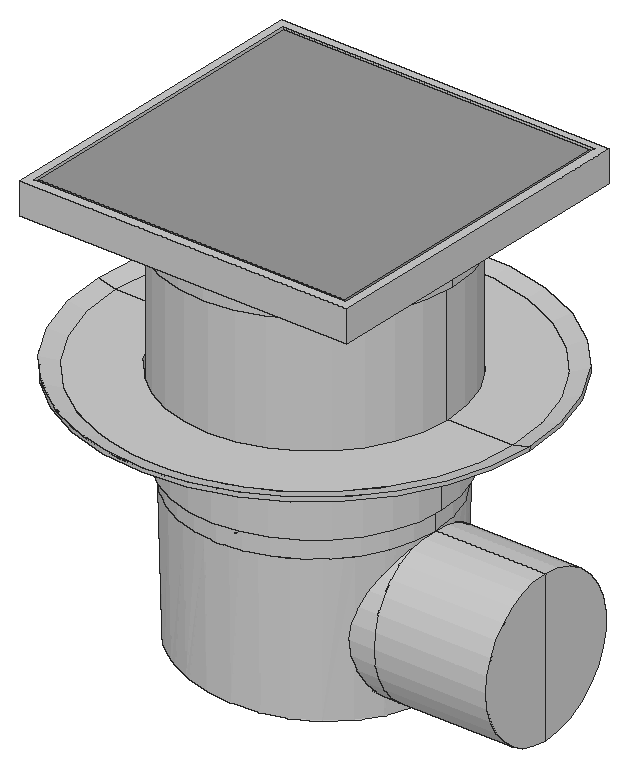
Revit family "HL_Дворовый трап серии Perfekt_HL615LW", category Instalační zařizovací předměty, Revit 2016
Family settings
  Typ součásti = Normální
  Kóta kulaté spojky = Použít průměr
  Číslo OmniClass = 23.70.50.21.24.14
  Nadpis OmniClass = Deck Waste Water Drains
  Založené na pracovní rovině = Ne
  Vždy vertikální = Ano
  Ořezat dutým tvarem při načtení = Ne
  Sdílené = Ne
  Bod výpočtu místnosti = Ano
Parameters (values of type "HL_Дворовый трап серии Perfekt_HL615LW")
  РЕШЁТКА = "Kunststoff 226x226mm"
  РАЗМЕР = "DN110"
  ПРОПУСКНАЯ СПОСОБНОСТЬ [instance] = 0.0 L/s
  ПРОИЗВОДИТЕЛЬНОСТЬ = "2,5 l/s"
  ПРАВОВАЯ ИНФОРМАЦИЯ = "\"Авторские права(©), права на дизайн или какие либо другие права интелектуальной собственности являются исключительной собственностью компании HL Hutterer & Lechner. Изменению не подлежит. Файл семейства с данными о прозводителе изделия защищен паролем с водяным знаком.\""
  НОМИНАЛЬНЫЙ ДИАМЕТР = 110 mm
  НАСАДКА = "42-130mm/240x240mm"
  МАТЕРИАЛ = "PP"
  МАКСИМАЛЬНАЯ НАГРУЗКА КЛАССА = "L - 1,5 t"
  ВЫСОТА МОНТАЖА = "218 mm"
  ВЕС = "2 kg"
  Výrobce = "HL Hutterer & Lechner GmbH"
  URL = "http://www.hutterer-lechner.com/ru/products/catalog/roof-drains/HL615LW.aspx"
  Материал плитка [instance] = none
  Připojení ventilace = no
  Připojení odpadu = yes
  Připojení HW = no
  Připojení CW = no
  Popis = "Дворовый трап серии Perfekt DN110 горизонтальный выпуск"
  Model = "HL615LW"
  Assembly Code = " "
  Komentáře k typům = "Дворовый трап серии Perfekt DN110 горизонтальный с обжимным фланцем, 240х240мм/226х226мм ПП с водяным затвором."
  Keynote = "HL615LW"
  IH [instance] = Высота монтажа 1 + Высота монтажа 2  # 130 mm
  Высота монтажа 2 [instance] = 0 mm
  Высота монтажа 1 [instance] = 130 mm
  G [instance] = 90.00°  # constant formula
  EAN = "9003076009473"
  D [instance] = 170 mm
  C [instance] = if(IH - 68 mm < 0 mm, 0 mm, IH - 68 mm)  # 62 mm
  B [instance] = 134.4 mm + IH  # 264.4 mm
  A [instance] = if(B - 100 mm > 15 mm, B - 100 mm, 15 mm)  # 164.4 mm
Types (2, lengths in mm): name | URL | Popis | Komentáře k typům
  (no name) | "http://www.hutterer-lechner.com/en/products/catalog/roof-drains/HL615LW.aspx" | 0 | "perfect-drain DN110 horizontal with flange, 240x240mm/226x226mm plastic with trap seal"
  HL_Дворовый трап серии Perfekt_HL615LW | "http://www.hutterer-lechner.com/ru/products/catalog/roof-drains/HL615LW.aspx" | "Дворовый трап серии Perfekt DN110 горизонтальный выпуск" | "Дворовый трап серии Perfekt DN110 горизонтальный с обжимным фланцем, 240х240мм/226х226мм ПП с водяным затвором."
Values of the unnamed type that differ from the named types
  ПРАВОВАЯ ИНФОРМАЦИЯ = "\"Copyright (©), design rights or any other intellectual property rights, shall be the exclusive property of HL Hutterer & Lechner GmbH. Modification is not allowed. Family has been watermarked.\""
Reference planes
  plane 1 "Center (Front/Back)": y = 0
  plane 2: z = 0
  plane 3 "Center (Left/Right)": x = 0
  plane 4: z = -264.4
  plane 5: z = -130
  plane 6: z = -130
Lines and regions (mm)
  model lines, style "InvisibleLines"
    curve 1: line (0, 0, 0) -> (0, 0, 20)
  model lines, style "PlumbingFixtures", detail levels coarse+medium
    curve 2: line (0, 0, -264.4) -> (0, 0, -100)
    curve 3: line (0, 0, -100) -> (-100, 0, 0)
    curve 4: line (0, 0, -100) -> (100, 0, 0)
    curve 6: line (0, 0, -264.4) -> (170, 0, -264.4)
  reference lines, not visible
    curve 5: line (0, 0, -264.4) -> (170, 0, -264.4)
  symbolic lines, style "PlumbingFixtures", detail levels coarse+medium
    curve 7: line (-75, 75, 0) -> (75, 75, 0)
    curve 8: line (-75, -75, 0) -> (-75, 75, 0)
    curve 9: line (75, -75, 0) -> (-75, -75, 0)
    curve 10: line (75, 75, 0) -> (75, -75, 0)
    curve 11: line (-75, 75, 0) -> (-145.711, 145.711, 0)
    curve 12: line (75, 75, 0) -> (145.711, 145.711, 0)
    curve 13: line (-75, -75, 0) -> (-145.711, -145.711, 0)
    curve 14: line (75, -75, 0) -> (145.711, -145.711, 0)
  symbolic lines, style "PlumbingFixtures", not visible, detail levels coarse+medium
    curve 15: line (-75, 75, 0) -> (75, 75, 0)
    curve 16: line (-75, -75, 0) -> (-75, 75, 0)
    curve 17: line (75, -75, 0) -> (-75, -75, 0)
    curve 18: line (75, 75, 0) -> (75, -75, 0)
    curve 19: line (-75, 75, 0) -> (-145.711, 145.711, 0)
    curve 20: line (75, 75, 0) -> (145.711, 145.711, 0)
    curve 21: line (-75, -75, 0) -> (-145.711, -145.711, 0)
    curve 22: line (75, -75, 0) -> (145.711, -145.711, 0)
Text (mm)
  text "FLOOR" at (-162.344, 0, -10.979), in view "Слева"
Dimensions and locks
  "B": plane 2 to plane 4
  "IH": plane 2 to plane 5
  "A": curve 4 to plane 4
  "D": curve 5 to curve 5
  "D": curve 6 to curve 6
  "Высота монтажа 1": plane 2 to plane 6
  locked: curve 4 to plane 3 "Center (Left/Right)" (angle 45.00°)
  locked: plane 3 "Center (Left/Right)" to curve 3 (angle 45.00°)
  "G": angle curve 5 to plane 3 "Center (Left/Right)"
  aligned and locked: level to plane 2
  aligned and locked: plane 2 to curve 4
  aligned and locked: plane 2 to curve 3
  aligned and locked: plane 4 to curve 5
  aligned and locked: curve 5 to plane 3 "Center (Left/Right)"
  aligned and locked: plane 4 to curve 2
  aligned and locked: plane 3 "Center (Left/Right)" to curve 6
  aligned and locked: curve 6 to plane 4
  aligned and locked: nested 1 to plane 3 "Center (Left/Right)"
  aligned and locked: nested 1 to plane 5
  aligned and locked: plane 3 "Center (Left/Right)" to nested 2
  aligned and locked: plane 2 to nested 2
  aligned and locked: plane 3 "Center (Left/Right)" to nested 3
  aligned and locked: nested 3 to nested 2
  aligned and locked: nested 4 to plane 3 "Center (Left/Right)"
  aligned and locked: nested 4 to nested 1
Automatic sketch dimensions
  plane 3 "Center (Left/Right)" to curve 2 = 0 mm
  curve 1 to plane 3 "Center (Left/Right)" = 0 mm
  curve 1 to level = 0 mm
  level to curve 1 = 20 mm
Nested families
  nested 1: "HL-кровельные воронки - корпус-HL615K" at (0, 0, -130), type "HL-кровельные воронки - корпус-HL615K"
  nested 2: "HL-Надставные элементы-HL623" at (0, 0, 0), Высота монтажа <- "Высота монтажа 1", type "HL-Надставные элементы-HL623"
    with Высота монтажа 130 mm, a 100 mm, Ihmin 42 mm, Ihmax 130 mm
  nested 3: "HL-Песколовка-HL0606.2E" at (0, 0, -22.999), type "HL-Песколовка-HL0606.2E"
  nested 4: "HL-Вкладыш запахозапирающий-HL0605.2E" at (0, 0, -190.162), type "HL-Вкладыш запахозапирающий-HL0605.2E"
Connectors
  piping at (170, 0, -264.4), diameter 110, driven by "ПРОПУСКНАЯ СПОСОБНОСТЬ", driven by "НОМИНАЛЬНЫЙ ДИАМЕТР"
    settings: on curve 5, index 1, connector inside diameter 609.6 mm, connector length 0 mm, flow factor 0, pipe flow 0.0 L/s, pressure drop 0.0 Pa, fitting loss kfactor 0, connector angle 0.00°, fixture units 0, engagement length 0 mm, angle of deflection 0.00°, flow configuration 1, flow direction 2, fitting loss method 0, system type 16, joint type 0, gender type 0, connector reference index -1, connector utility 0, adjustable connector yes, is connector primary yes, connector description ""
Definition of nested family "HL-кровельные воронки - корпус-HL615K"
  Parameters
    РАЗМЕР = ""
    ПРАВОВАЯ ИНФОРМАЦИЯ = ""
    МАТЕРИАЛ = ""
    ВЫСОТА МОНТАЖА = ""
    ВЕС = ""
    Manufacturer = ""
    URL = ""
    Description = ""
    Model = ""
    материал = none
    Type Comments = ""
    Keynote = ""
    EAN = ""
    Cost = 0
  Types (2, lengths in mm): name | РАЗМЕР | ПРАВОВАЯ ИНФОРМАЦИЯ | МАТЕРИАЛ | ВЫСОТА МОНТАЖА | ВЕС | Manufacturer | URL | Description | Model | Type Comments | Keynote | EAN
    (no name) | "" | "" | "" | "" | "" | "" | "" | "" | "" | "" | "" | ""
    HL-кровельные воронки - корпус-HL615K | "DN110" | "\"Авторские права(©), права на дизайн или какие либо другие права интелектуальной собственности являются исключительной собственностью компании HL Hutterer & Lechner. Изменению не подлежит. Файл семейства с данными о прозводителе изделия защищен паролем с водяным знаком.\"" | "PP" | "190 mm" | "0,718 kg" | "HL Hutterer & Lechner GmbH" | "http://www.hutterer-lechner.com/ru/products/catalog/roof-drains/HL615K.aspx" | "Дворовый трап серии Perfekt DN110 горизонтальный выпуск" | "HL615K" | "Корпус дворового трапа серии Perfekt DN110 горизонтальный с обжимным фланцем." | "HL615K" | "9003076012879"
  Reference planes
    plane 1 "Střed (vpředu/vzadu)": y = 0
    plane 2: z = 0
    plane 3 "Střed (vlevo/vpravo)": x = 0
  Forms (mm)
    Revolve 1, solid, material <- "материал", detail levels fine
      sketch origin (0, 0, 16.838) x (1, 0, 0) y (0, 0, 1)
        loop
          line (-102.992, -29.032) -> (-102.992, -49.657) -> (-93.991, -49.657) -> (-93.991, -81.233) -> (-89.525, -81.233) -> (-89.525, -96.233) -> (-87.601, -206.46) -> (0, -206.46) -> (0, -142.233) -> (-85.48, -142.233) -> (-85.48, -77) -> (-90.064, -77) -> (-90.064, -42) -> (-98.519, -42) -> (-98.519, -20.158) -> (-146.118, -20.158) -> (-158.507, -16.838) -> (-158.507, -19.787) -> (-146.081, -23.116) -> (-137.541, -23.116) -> (-137.541, -29.032) -> (-102.992, -29.032)
        axis (0, -16.838) -> (0, -206.46)
      angle from 0 to 360
    Extrusion 2, void
      sketch origin (0, 0, 16.838) x (1, 0, 0) y (0, 0, 1)
        loop
          line (101.097, -207.584) -> (-103.425, -190.313) -> (-103.425, -230.313) -> (101.097, -230.313) -> (101.097, -207.584)
      from -118.5 to 100
    Revolve 3, solid, material <- "материал", detail levels fine
      sketch origin (0, 0, 16.838) x (1, 0, 0) y (0, 0, 1)
        loop
          line (170, -151.233) -> (52.576, -151.233) -> (52.576, -206.233) -> (87.576, -206.233) -> (170, -206.233) -> (170, -151.233)
        axis (52.576, -151.233) -> (170, -151.233)
      angle from 0 to 360
    Extrusion 4, void
      sketch origin (0, 0, 16.838) x (1, 0, 0) y (0, 1, 0)
        loop
          line (53.489, 64) -> (-15, 64) -> (-15, 82.049)
          arc (-15, 82.049) -> (-83.409, 0) -> (-15, -82.049) r 83.409
          line (-15, -82.049) -> (-15, -64) -> (53.489, -64)
          arc (53.489, -64) -> (83.409, 0) -> (53.489, 64) r 83.409
      from -186.135 to -66.314
    Extrusion 5, void
      sketch origin (400, 0, 16.838) x (1, 0, 0) y (0, 1, 0)
        loop
          line (-343.274, 64) -> (-415, 64) -> (-415, -64) -> (-344.352, -64)
          arc (-344.352, -64) -> (-313.891, -0.252) -> (-343.274, 64) r 83.409
      from -186.135 to -66.314
  Cuts and joins
    Extrusion 2, Extrusion 4 cuts Revolve 1
    Extrusion 2, Extrusion 5 cuts Revolve 3
  Dimensions and locks
    aligned and locked: level to plane 2
Definition of nested family "HL-Надставные элементы-HL623"
  Parameters
    РЕШЁТКА = ""
    РАЗМЕР = ""
    ПРАВОВАЯ ИНФОРМАЦИЯ = ""
    НАСАДКА = ""
    МАТЕРИАЛ = ""
    МАКСИМАЛЬНАЯ НАГРУЗКА КЛАССА = ""
    ВЫСОТА МОНТАЖА = ""
    ВЕС = ""
    a [instance] = if(Высота монтажа < Ihmin, -10 mm, if(Высота монтажа > Ihmax, -10 mm, Высота монтажа - 30 mm))  # 100 mm
    Manufacturer = ""
    URL = ""
    Description = ""
    Model = ""
    материал 2 = none
    материал = none
    Type Comments = ""
    Keynote = ""
    Высота монтажа [instance] = 130 mm
    Ihmin [instance] = 42 mm
    Ihmax [instance] = 130 mm
    EAN = ""
    Cost = 0
  Types (2, lengths in mm): name | РЕШЁТКА | РАЗМЕР | ПРАВОВАЯ ИНФОРМАЦИЯ | НАСАДКА | МАТЕРИАЛ | МАКСИМАЛЬНАЯ НАГРУЗКА КЛАССА | ВЫСОТА МОНТАЖА | ВЕС | Manufacturer | URL | Description | Model | Type Comments | Keynote | EAN
    (no name) | "" | "" | "" | "" | "" | "" | "" | "" | "" | "" | "" | "" | "" | "" | ""
    HL-Надставные элементы-HL623 | "Kunststoff 226x226mm" | "d 195mm" | "\"Авторские права(©), права на дизайн или какие либо другие права интелектуальной собственности являются исключительной собственностью компании HL Hutterer & Lechner. Изменению не подлежит. Файл семейства с данными о прозводителе изделия защищен паролем с водяным знаком.\"" | "240x240mm" | "PP" | "L - 1,5 t" | "144 mm" | "0,954 [kg]" | "HL Hutterer & Lechner GmbH" | "http://www.hutterer-lechner.com/ru/products/catalog/roof-drains/HL623.aspx" | "Надставные элементы" | "HL623" | "Насадка d 195мм/240х240мм/226х226мм ПП" | "HL623" | "9003076014743"
  Reference planes
    plane 1 "Střed (vpředu/vzadu)": y = 0
    plane 2: z = 0
    plane 3 "Střed (vlevo/vpravo)": x = 0
    plane 4: z = -45
    plane 5: z = -145
  Forms (mm)
    Extrusion 1, solid, material <- "материал", detail levels fine
      sketch origin (0, 0, 0) x (1, 0, 0) y (0, 1, 0)
        loop
          line (-112.5, 112.5) -> (-112.5, -112.5) -> (112.5, -112.5) -> (112.5, 112.5) -> (-112.5, 112.5)
      from 0 to -20
    Extrusion 2, solid, material <- "материал 2", detail levels fine
      sketch origin (0, 0, 0) x (1, 0, 0) y (0, 1, 0)
        loop
          line (114.5, -114.5) -> (114.5, 114.5) -> (-114.5, 114.5) -> (-114.5, -114.5) -> (114.5, -114.5)
        loop
          line (-120, 120) -> (-120, -120) -> (120, -120) -> (120, 120) -> (-120, 120)
      from 0 to -20
    Extrusion 3, solid, material <- "материал 2", detail levels fine
      sketch origin (0, 0, 0) x (1, 0, 0) y (0, 1, 0)
        loop
          line (120, -120) -> (120, 120) -> (-120, 120) -> (-120, -120) -> (120, -120)
      from -20 to -23
    Revolve 4, solid, material <- "материал 2", detail levels fine
      sketch origin (0, 0, 0) x (1, 0, 0) y (0, 0, 1)
        loop
          line (0, -23) -> (-101.5, -23) -> (-101.5, -45) -> (0, -45) -> (0, -23)
        axis (0, -45) -> (0, -23)
      angle from 0 to 360
    Revolve 5, solid, material <- "материал 2", detail levels fine
      sketch origin (0, 0, 0) x (1, 0, 0) y (0, 0, 1)
        loop
          line (0, -45) -> (0, -145) -> (97.213, -145) -> (97.213, -45) -> (0, -45)
        axis (0, -45) -> (0, -145)
      angle from 0 to 360
  Cuts and joins
    joined: Extrusion 2, Extrusion 3
  Lines and regions (mm)
    model lines, detail levels fine
      curve 1: line (10.96, 46.315, 0) -> (45.608, 80.964, 0)
      curve 2: line (56.215, 70.357, 0) -> (21.567, 35.709, 0)
      curve 3: line (35.709, 21.567, 0) -> (70.357, 56.215, 0)
      curve 4: line (80.964, 45.608, 0) -> (46.315, 10.96, 0)
      curve 5: line (92, 7.5, 0) -> (72.5, 7.5, 0)
      curve 6: line (92, -7.5, 0) -> (72.5, -7.5, 0)
      curve 7: arc (92, -7.5, 0) -> (99.5, 0, 0) -> (92, 7.5, 0) r 7.5
      curve 8: arc (72.5, -7.5, 0) -> (65, 0, 0) -> (72.5, 7.5, 0) r 7.5
      curve 9: arc (80.964, 45.608, 0) -> (80.964, 56.215, 0) -> (70.357, 56.215, 0) r 7.5
      curve 10: arc (56.215, 70.357, 0) -> (56.215, 80.964, 0) -> (45.608, 80.964, 0) r 7.5
      curve 11: arc (21.567, 35.709, 0) -> (10.96, 35.709, 0) -> (10.96, 46.315, 0) r 7.5
      curve 12: arc (46.315, 10.96, 0) -> (35.709, 10.96, 0) -> (35.709, 21.567, 0) r 7.5
      curve 13: line (7.5, 92, 0) -> (7.5, 72.5, 0)
      curve 14: line (-7.5, 92, 0) -> (-7.5, 72.5, 0)
      curve 15: arc (-7.5, 92, 0) -> (0, 99.5, 0) -> (7.5, 92, 0) r 7.5
      curve 16: arc (-7.5, 72.5, 0) -> (0, 65, 0) -> (7.5, 72.5, 0) r 7.5
      curve 17: line (7.5, -92, 0) -> (7.5, -72.5, 0)
      curve 18: line (-7.5, -92, 0) -> (-7.5, -72.5, 0)
      curve 19: arc (-7.5, -92, 0) -> (0, -99.5, 0) -> (7.5, -92, 0) r 7.5
      curve 20: arc (-7.5, -72.5, 0) -> (0, -65, 0) -> (7.5, -72.5, 0) r 7.5
      curve 21: line (92, -7.5, 0) -> (72.5, -7.5, 0)
      curve 22: line (92, 7.5, 0) -> (72.5, 7.5, 0)
      curve 23: arc (92, 7.5, 0) -> (99.5, 0, 0) -> (92, -7.5, 0) r 7.5
      curve 24: arc (72.5, 7.5, 0) -> (65, 0, 0) -> (72.5, -7.5, 0) r 7.5
      curve 25: line (-92, -7.5, 0) -> (-72.5, -7.5, 0)
      curve 26: arc (-92, -7.5, 0) -> (-99.5, 0, 0) -> (-92, 7.5, 0) r 7.5
      curve 27: arc (-72.5, -7.5, 0) -> (-65, 0, 0) -> (-72.5, 7.5, 0) r 7.5
      curve 28: line (-92, -7.5, 0) -> (-72.5, -7.5, 0)
      curve 29: line (-92, 7.5, 0) -> (-72.5, 7.5, 0)
      curve 30: arc (-92, 7.5, 0) -> (-99.5, 0, 0) -> (-92, -7.5, 0) r 7.5
      curve 31: arc (-72.5, 7.5, 0) -> (-65, 0, 0) -> (-72.5, -7.5, 0) r 7.5
      curve 32: line (-10.96, 46.315, 0) -> (-45.608, 80.964, 0)
      curve 33: line (-56.215, 70.357, 0) -> (-21.567, 35.709, 0)
      curve 34: line (-35.709, 21.567, 0) -> (-70.357, 56.215, 0)
      curve 35: line (-80.964, 45.608, 0) -> (-46.315, 10.96, 0)
      curve 36: arc (-80.964, 45.608, 0) -> (-80.964, 56.215, 0) -> (-70.357, 56.215, 0) r 7.5
      curve 37: arc (-56.215, 70.357, 0) -> (-56.215, 80.964, 0) -> (-45.608, 80.964, 0) r 7.5
      curve 38: arc (-21.567, 35.709, 0) -> (-10.96, 35.709, 0) -> (-10.96, 46.315, 0) r 7.5
      curve 39: arc (-46.315, 10.96, 0) -> (-35.709, 10.96, 0) -> (-35.709, 21.567, 0) r 7.5
      curve 40: line (10.96, -46.315, 0) -> (45.608, -80.964, 0)
      curve 41: line (56.215, -70.357, 0) -> (21.567, -35.709, 0)
      curve 42: line (35.709, -21.567, 0) -> (70.357, -56.215, 0)
      curve 43: line (80.964, -45.608, 0) -> (46.315, -10.96, 0)
      curve 44: arc (80.964, -45.608, 0) -> (80.964, -56.215, 0) -> (70.357, -56.215, 0) r 7.5
      curve 45: arc (56.215, -70.357, 0) -> (56.215, -80.964, 0) -> (45.608, -80.964, 0) r 7.5
      curve 46: arc (21.567, -35.709, 0) -> (10.96, -35.709, 0) -> (10.96, -46.315, 0) r 7.5
      curve 47: arc (46.315, -10.96, 0) -> (35.709, -10.96, 0) -> (35.709, -21.567, 0) r 7.5
      curve 48: line (-10.96, -46.315, 0) -> (-45.608, -80.964, 0)
      curve 49: line (-56.215, -70.357, 0) -> (-21.567, -35.709, 0)
      curve 50: line (-35.709, -21.567, 0) -> (-70.357, -56.215, 0)
      curve 51: line (-80.964, -45.608, 0) -> (-46.315, -10.96, 0)
      curve 52: arc (-80.964, -45.608, 0) -> (-80.964, -56.215, 0) -> (-70.357, -56.215, 0) r 7.5
      curve 53: arc (-56.215, -70.357, 0) -> (-56.215, -80.964, 0) -> (-45.608, -80.964, 0) r 7.5
      curve 54: arc (-21.567, -35.709, 0) -> (-10.96, -35.709, 0) -> (-10.96, -46.315, 0) r 7.5
      curve 55: arc (-46.315, -10.96, 0) -> (-35.709, -10.96, 0) -> (-35.709, -21.567, 0) r 7.5
  Dimensions and locks
    plane 2 to plane 4 = 45 mm
    plane 4 to Revolve 5 sketch curve = 100 mm
    plane 2 to plane 5 = 145 mm
    "a": plane 4 to Revolve 5 sketch curve
    aligned and locked: level to plane 2
    aligned and locked: plane 4 to Revolve 5 sketch curve
  Automatic sketch dimensions
    curve 7 to curve 23 = 0 mm  (x2)
    curve 8 to curve 24 = 0 mm  (x2)
    curve 26 to curve 30 = 0 mm  (x2)
    curve 27 to curve 31 = 0 mm  (x2)
    plane 1 "Střed (vpředu/vzadu)" to curve 26 = 0 mm
    curve 16 to plane 3 "Střed (vlevo/vpravo)" = 0 mm
    curve 20 to plane 3 "Střed (vlevo/vpravo)" = 0 mm
    plane 1 "Střed (vpředu/vzadu)" to curve 24 = 0 mm
    curve 18 to plane 3 "Střed (vlevo/vpravo)" = 7.5 mm
    curve 14 to plane 3 "Střed (vlevo/vpravo)" = 7.5 mm
    curve 32 to plane 3 "Střed (vlevo/vpravo)" = 10.96 mm
    curve 48 to plane 3 "Střed (vlevo/vpravo)" = 10.96 mm
    curve 54 to curve 54 = 5.303 mm  (x2)
    curve 38 to curve 38 = 5.303 mm  (x2)
    curve 49 to curve 54 = 5.303 mm
    curve 33 to curve 38 = 5.303 mm
    curve 34 to curve 33 = 14.142 mm
    curve 50 to curve 49 = 14.142 mm
    curve 39 to curve 34 = 5.303 mm
    curve 55 to curve 50 = 5.303 mm
    curve 48 to curve 20 = 38.108 mm
    curve 32 to curve 14 = 38.108 mm
    curve 35 to plane 1 "Střed (vpředu/vzadu)" = 10.96 mm
    curve 35 to curve 39 = 5.303 mm
    plane 1 "Střed (vpředu/vzadu)" to curve 51 = 10.96 mm
    curve 51 to curve 55 = 5.303 mm
    curve 53 to curve 48 = 5.303 mm
    curve 37 to curve 32 = 5.303 mm
    curve 49 to curve 53 = 5.303 mm
    curve 33 to curve 37 = 5.303 mm  (x2)
    curve 34 to curve 37 = 14.142 mm
    curve 50 to curve 53 = 14.142 mm
    curve 27 to curve 39 = 26.185 mm
    curve 36 to curve 34 = 5.303 mm
    curve 52 to curve 50 = 5.303 mm
    curve 35 to plane 1 "Střed (vpředu/vzadu)" = 45.608 mm
    curve 35 to curve 36 = 5.303 mm  (x2)
    plane 1 "Střed (vpředu/vzadu)" to curve 51 = 45.608 mm
    curve 51 to curve 52 = 5.303 mm
    plane 1 "Střed (vpředu/vzadu)" to curve 28 = 7.5 mm
    curve 28 to curve 25 = 19.5 mm
    plane 3 "Střed (vlevo/vpravo)" to curve 1 = 10.96 mm
    plane 3 "Střed (vlevo/vpravo)" to curve 40 = 10.96 mm
    curve 11 to curve 11 = 5.303 mm
    curve 46 to curve 46 = 5.303 mm  (x2)
    curve 11 to curve 2 = 5.303 mm
    curve 46 to curve 41 = 5.303 mm
    curve 2 to curve 3 = 14.142 mm
    curve 41 to curve 42 = 14.142 mm  (x3)
    curve 42 to curve 47 = 5.303 mm
    curve 3 to curve 12 = 5.303 mm
    curve 13 to curve 1 = 38.108 mm
    curve 17 to curve 40 = 38.108 mm
    plane 1 "Střed (vpředu/vzadu)" to curve 43 = 10.96 mm
    curve 47 to curve 43 = 5.303 mm
    curve 4 to plane 1 "Střed (vpředu/vzadu)" = 10.96 mm
    curve 12 to curve 4 = 5.303 mm
    curve 1 to curve 10 = 5.303 mm
    curve 40 to curve 45 = 5.303 mm
    curve 45 to curve 41 = 5.303 mm  (x2)
    curve 10 to curve 2 = 5.303 mm
    curve 10 to curve 3 = 14.142 mm
    curve 43 to curve 24 = 26.185 mm
    curve 42 to curve 44 = 5.303 mm
    curve 3 to curve 9 = 5.303 mm
    plane 1 "Střed (vpředu/vzadu)" to curve 43 = 45.608 mm
    curve 44 to curve 43 = 5.303 mm
    curve 4 to plane 1 "Střed (vpředu/vzadu)" = 45.608 mm
    curve 9 to curve 4 = 5.303 mm
    curve 5 to plane 1 "Střed (vpředu/vzadu)" = 7.5 mm
    curve 22 to curve 5 = 19.5 mm
    plane 1 "Střed (vpředu/vzadu)" to curve 48 = 46.315 mm
    curve 48 to curve 40 = 0 mm
    curve 52 to curve 52 = 5.303 mm
    curve 44 to curve 44 = 5.303 mm
    curve 49 to curve 50 = 14.142 mm
    curve 17 to curve 40 = 26.185 mm
    curve 53 to curve 49 = 5.303 mm
    curve 17 to curve 20 = 19.5 mm
    curve 42 to curve 47 = 10.607 mm
    curve 50 to curve 51 = 10.607 mm
    curve 4 to curve 12 = 5.303 mm
    curve 39 to curve 39 = 5.303 mm
    curve 39 to curve 33 = 14.142 mm
    curve 12 to curve 2 = 14.142 mm
    curve 2 to curve 11 = 5.303 mm
    curve 9 to curve 9 = 5.303 mm
    curve 3 to curve 2 = 14.142 mm
    curve 36 to curve 33 = 14.142 mm
    curve 11 to curve 13 = 26.185 mm
    curve 2 to curve 10 = 5.303 mm
    curve 14 to curve 14 = 19.5 mm
    Extrusion 1 sketch curve to plane 3 "Střed (vlevo/vpravo)" = 112.5 mm
    plane 3 "Střed (vlevo/vpravo)" to Extrusion 1 sketch curve = 112.5 mm
    plane 1 "Střed (vpředu/vzadu)" to Extrusion 1 sketch curve = 112.5 mm
    Extrusion 1 sketch curve to plane 1 "Střed (vpředu/vzadu)" = 112.5 mm
    Extrusion 2 sketch curve to plane 3 "Střed (vlevo/vpravo)" = 120 mm
    Extrusion 2 sketch curve to Extrusion 2 sketch curve = 5.5 mm  (x4)
    plane 3 "Střed (vlevo/vpravo)" to Extrusion 2 sketch curve = 114.5 mm
    plane 1 "Střed (vpředu/vzadu)" to Extrusion 2 sketch curve = 120 mm
    Extrusion 2 sketch curve to plane 1 "Střed (vpředu/vzadu)" = 114.5 mm
    Extrusion 3 sketch curve to plane 3 "Střed (vlevo/vpravo)" = 120 mm
    plane 3 "Střed (vlevo/vpravo)" to Extrusion 3 sketch curve = 120 mm
    plane 1 "Střed (vpředu/vzadu)" to Extrusion 3 sketch curve = 120 mm
    Extrusion 3 sketch curve to plane 1 "Střed (vpředu/vzadu)" = 120 mm
    Revolve 4 sketch curve to plane 4 = 0 mm
    Revolve 4 sketch curve to plane 3 "Střed (vlevo/vpravo)" = 0 mm  (x2)
    plane 4 to Revolve 4 sketch curve = 22 mm
    Revolve 4 sketch curve to plane 3 "Střed (vlevo/vpravo)" = 101.5 mm
    level to Revolve 4 sketch curve = 32 mm
    Revolve 4 sketch curve to Revolve 4 sketch curve = 90 mm
    Revolve 5 sketch curve to plane 3 "Střed (vlevo/vpravo)" = 0 mm  (x2)
    Revolve 5 sketch curve to Revolve 5 sketch curve = 97.213 mm
    Revolve 5 sketch curve to plane 5 = 38.999 mm
    Revolve 5 sketch curve to Revolve 5 sketch curve = 140 mm
Definition of nested family "HL-Песколовка-HL0606.2E"
  Parameters (values of type "HL-Песколовка-HL0606.2E")
    ПРАВОВАЯ ИНФОРМАЦИЯ = "\"Авторские права(©), права на дизайн или какие либо другие права интелектуальной собственности являются исключительной собственностью компании HL Hutterer & Lechner. Изменению не подлежит. Файл семейства с данными о прозводителе изделия защищен паролем с водяным знаком.\""
    МАТЕРИАЛ = "PP"
    ВЕС = "0,09 kg"
    Manufacturer = "HL Hutterer & Lechner GmbH"
    URL = "http://www.hutterer-lechner.com/ru/products/catalog/roof-drains/HL0606.2E.aspx"
    Description = "Песколовка"
    Model = "HL0606.2E"
    материал = none
    Type Comments = "Песколовка"
    Keynote = "HL0606.2E"
    EAN = "9003076060627"
    Cost = 0
  Values of the unnamed type that differ from the named types
    ПРАВОВАЯ ИНФОРМАЦИЯ = ""
    МАТЕРИАЛ = ""
    ВЕС = ""
    Manufacturer = ""
    URL = ""
    Description = ""
    Model = ""
    Type Comments = ""
    Keynote = ""
    EAN = ""
  Reference planes
    plane 1 "Střed (vpředu/vzadu)": y = 0
    plane 2: z = 0
    plane 3 "Střed (vlevo/vpravo)": x = 0
  Forms (mm)
    Revolve 1, solid, material <- "материал", detail levels fine
      sketch origin (0, 0, 0) x (1, 0, 0) y (0, 0, 1)
        loop
          line (0, -55.952) -> (0, -58.018) -> (57.601, -56.006)
          arc (57.601, -56.006) -> (65.932, -53.053) -> (69.532, -44.98) r 11.208
          line (69.532, -44.98) -> (72.482, -41.586) -> (75.031, -12.448) -> (75.865, -6.515)
          arc (75.865, -6.515) -> (76.428, -5.156) -> (77.786, -4.594) r 1.921
          line (77.786, -4.594) -> (95.979, -3.002) -> (95.979, -0.001) -> (73.246, -1.99) -> (69.436, -41.391) -> (67.501, -43.326)
          arc (67.501, -43.326) -> (65.111, -51.02) -> (57.603, -53.94) r 9.273
          line (57.603, -53.94) -> (0, -55.952)
        axis (0, -58.018) -> (0, -0.001)
      angle from 0 to 360
  Dimensions and locks
    aligned and locked: level to plane 2
Definition of nested family "HL-Вкладыш запахозапирающий-HL0605.2E"
  Parameters
    ПРАВОВАЯ ИНФОРМАЦИЯ = ""
    МАТЕРИАЛ = ""
    ВЕС = ""
    Manufacturer = ""
    URL = ""
    Description = ""
    Model = ""
    материал 2 = none
    материал = none
    Type Comments = ""
    Keynote = ""
    EAN = ""
    Cost = 0
  Types (2, lengths in mm): name | ПРАВОВАЯ ИНФОРМАЦИЯ | МАТЕРИАЛ | ВЕС | Manufacturer | URL | Description | Model | Type Comments | Keynote | EAN
    (no name) | "" | "" | "" | "" | "" | "" | "" | "" | "" | ""
    HL-Вкладыш запахозапирающий-HL0605.2E | "\"Авторские права(©), права на дизайн или какие либо другие права интелектуальной собственности являются исключительной собственностью компании HL Hutterer & Lechner. Изменению не подлежит. Файл семейства с данными о прозводителе изделия защищен паролем с водяным знаком.\"" | "PP" | "0,192 kg" | "HL Hutterer & Lechner GmbH" | "http://www.hutterer-lechner.com/ru/products/catalog/roof-drains/HL0605.2E.aspx" | "Вкладыш запахозапирающий" | "HL0605.2E" | "Вкладыш водяного затвора комплектный" | "HL0605.2E" | "9003076009725"
  Reference planes
    plane 1 "Střed (vpředu/vzadu)": y = 0
    plane 2: z = 0
    plane 3 "Střed (vlevo/vpravo)": x = 0
  Forms (mm)
    Revolve 1, solid, material <- "материал 2", detail levels fine
      sketch origin (0, 0, 0) x (1, 0, 0) y (0, 0, 1)
        loop
          line (88, -3) -> (88, 0) -> (82.921, 0) -> (82.921, -1.338) -> (78.867, -6.169) -> (78.867, -19.629) -> (76.315, -48.796)
          arc (76.315, -48.796) -> (75.558, -51.125) -> (73.796, -52.827) r 5.066
          line (73.796, -52.827) -> (58.029, -61.938) -> (58.029, -93.034) -> (53.399, -98) -> (41.859, -98) -> (41.859, -83.043) -> (45.35, -83.043) -> (45.35, -33) -> (29.878, -33) -> (29.878, -100) -> (52.94, -100)
          arc (52.94, -100) -> (57.932, -97.932) -> (60, -92.939) r 7.061
          line (60, -92.939) -> (60, -65.894)
          arc (60, -65.894) -> (60.671, -63.394) -> (62.5, -61.564) r 5.003
          line (62.5, -61.564) -> (74.706, -54.511)
          arc (74.706, -54.511) -> (77.106, -52.212) -> (78.174, -49.065) r 6.994
          line (78.174, -49.065) -> (81.088, -15.754) -> (83.996, -15.499) -> (83.996, -12.378)
          arc (83.996, -12.378) -> (85.775, -10) -> (83.996, -7.623) r 2.478
          line (83.996, -7.623) -> (83.996, -3) -> (88, -3)
        axis (0, 0) -> (0, -100)
      angle from 0 to 360
    Revolve 2, solid, material <- "материал", detail levels fine
      sketch origin (0, 0, 0) x (1, 0, 0) y (0, 0, 1)
        loop
          line (47.229, -83.043) -> (47.229, -28.043)
          arc (47.229, -28.043) -> (43.63, -19.353) -> (34.94, -15.754) r 12.289
          line (34.94, -15.754) -> (0, -15.754) -> (0, -48.796) -> (45.35, -48.796) -> (45.35, -83.043) -> (47.229, -83.043)
        axis (0, -83.043) -> (0, -15.754)
      angle from 0 to 360
  Dimensions and locks
    aligned and locked: level to plane 2
